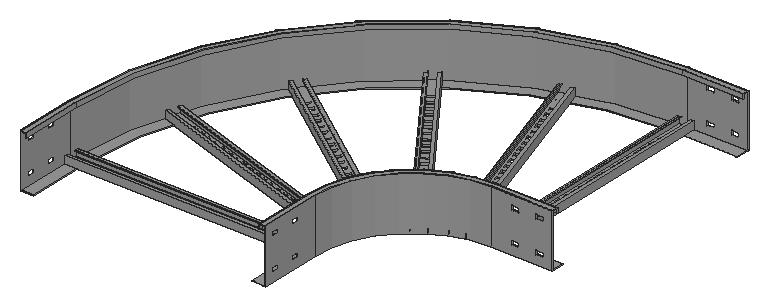
Revit family "LB 90 1150 VS FT Bogen 90", category Generic Models, Revit 2017
Family settings
  Can host rebar = No
  Round Connector Dimension = Use Diameter
  Part Type = Normal
  Work Plane-Based = No
  Always vertical = Yes
  Cut with Voids When Loaded = No
  Shared = No
  Room Calculation Point = No
Parameters (values of type "LB 90 1150 R5 FT")
  URL = "http://www.obo-bettermann.com"
  Material = Hot-dip galvanised
  Manufacturer Art.No. = "6217778"
  Manufacturer = "OBO BETTERMANN"
  GTIN = "4012196685257"
  Cut's number = 2
  Article Type = "LB 90 1150 R5 FT"
Reference planes
  plane 1 "Center (Front/Back)": y = 0
  plane 2: z = 0
  plane 3 "Center (Left/Right)": x = 0
  plane 4: y = 825
  plane 5: x = 825
  plane 6: x = 700
  plane 7: y = 125
  plane 8: z = 110
  plane 9: z = 1.5
  plane 10: z = 108.5
  plane 11: z = 101
  plane 12: y = 325
  plane 13: x = 500
  plane 14: y = 125
  plane 15: y = 110
  plane 16: y = 140
  plane 17: z = 16.5
  plane 18: x = 59
  plane 19: y = 133.25
  plane 20: y = 116.75
  plane 21: x = 79
  plane 22: x = 59
  plane 23: y = 133.25
  plane 24: y = 116.75
  plane 25: x = 79
  plane 26: x = 99
  plane 27: x = 99
  plane 28: y = 133.25
  plane 29: y = 116.75
  plane 30: x = 119
  plane 31: x = 139
  plane 32: y = 133.25
  plane 33: y = 116.75
  plane 34: x = 119
  plane 35: x = 139
  plane 36: x = 159
  plane 37: x = 139
  plane 38: y = 133.25
  plane 39: y = 116.75
  plane 40: x = 159
  plane 41: x = 139
  plane 42: y = 133.25
  plane 43: y = 116.75
  plane 44: x = 179
  plane 45: y = 133.25
  plane 46: y = 116.75
  plane 47: x = 179
  plane 48: x = 199
  plane 49: x = 219
  plane 50: y = 133.25
  plane 51: y = 116.75
  plane 52: x = 199
  plane 53: x = 219
  plane 54: y = 133.25
  plane 55: y = 116.75
  plane 56: x = 219
  plane 57: x = 239
  plane 58: x = 219
  plane 59: y = 133.25
  plane 60: y = 116.75
  plane 61: x = 239
  plane 62: x = 259
  plane 63: x = 279
  plane 64: x = 299
  plane 65: x = 259
  plane 66: y = 133.25
  plane 67: y = 116.75
  plane 68: x = 279
  plane 69: x = 299
  plane 70: y = 133.25
  plane 71: y = 116.75
  plane 72: x = 299
  plane 73: y = 133.25
  plane 74: y = 116.75
  plane 75: x = 319
  plane 76: x = 299
  plane 77: y = 133.25
  plane 78: y = 116.75
  plane 79: x = 319
  plane 80: x = 339
  plane 81: x = 359
  plane 82: x = 379
  plane 83: x = 339
  plane 84: y = 133.25
  plane 85: y = 116.75
  plane 86: x = 359
  plane 87: x = 379
  plane 88: y = 133.25
  plane 89: y = 116.75
  plane 90: x = 379
  plane 91: y = 133.25
  plane 92: y = 116.75
  plane 93: x = 399
  plane 94: x = 379
  plane 95: y = 133.25
  plane 96: y = 116.75
  plane 97: x = 399
  plane 98: x = 419
  plane 99: x = 439
  plane 100: x = 459
  plane 101: x = 419
  plane 102: y = 133.25
  plane 103: y = 116.75
  plane 104: x = 439
  plane 105: x = 459
  plane 106: y = 133.25
  plane 107: y = 116.75
  plane 108: x = 59
  plane 109: x = 700
  plane 110: x = 700
  plane 111: through (700, 125, 1200) normal (-0.309, -0.9511, 0)
  plane 112: through (700, 125, 1200) normal (-0.5878, -0.809, 0)
  plane 113: through (700, 125, 1200) normal (-0.809, -0.5878, 0)
  plane 114: through (700, 125, 1200) normal (-0.9511, -0.309, 0)
  plane 115: through (700, 125, 1200) normal (-0.1564, -0.9877, 0)
  plane 116: through (700, 125, 1200) normal (-0.7071, -0.7071, 0)
  plane 117: x = 715
  plane 118: x = 685
  plane 119: z = 16.5
  plane 120: y = 384
  plane 121: x = 691.75
  plane 122: x = 708.25
  plane 123: y = 404
  plane 124: y = 424
  plane 125: y = 444
  plane 126: y = 464
  plane 127: y = 484
  plane 128: y = 504
  plane 129: y = 524
  plane 130: y = 544
  plane 131: y = 564
  plane 132: y = 584
  plane 133: y = 604
  plane 134: y = 624
  plane 135: y = 644
  plane 136: y = 664
  plane 137: y = 684
  plane 138: y = 704
  plane 139: y = 724
  plane 140: y = 744
  plane 141: y = 764
  plane 142: through (2784.612, -2769.742, 26.746) normal (0.809, 0.5878, 0)
  plane 143: through (2808.883, -2752.109, 23.021) normal (0.809, 0.5878, 0)
  plane 144: z = 16.5
  plane 145: through (573.715, 353.39, 1200) normal (0.5878, -0.809, 0)
  plane 146: through (550.121, 345.327, 1200) normal (0.809, 0.5878, 0)
  plane 147: through (536.772, 335.628, 1200) normal (0.809, 0.5878, 0)
  plane 148: through (542.876, 355.706, 1200) normal (0.5878, -0.809, 0)
  plane 149: through (541.039, 379.092, 1200) normal (0.5878, -0.809, 0)
  plane 150: through (529.283, 395.273, 1200) normal (0.5878, -0.809, 0)
  plane 151: through (517.527, 411.453, 1200) normal (0.5878, -0.809, 0)
  plane 152: through (503.75, 426.164, 1200) normal (0.5878, -0.809, 0)
  plane 153: through (484.097, 436.607, 1200) normal (0.5878, -0.809, 0)
  plane 154: through (482.26, 459.994, 1200) normal (0.5878, -0.809, 0)
  plane 155: through (468.483, 474.705, 1200) normal (0.5878, -0.809, 0)
  plane 156: through (455.982, 490.345, 1200) normal (0.5878, -0.809, 0)
  plane 157: through (446.993, 508.535, 1200) normal (0.5878, -0.809, 0)
  plane 158: through (436.463, 525.606, 1200) normal (0.5878, -0.809, 0)
  plane 159: through (426.558, 543.131, 1200) normal (0.5878, -0.809, 0)
  plane 160: through (410.481, 556.172, 1200) normal (0.5878, -0.809, 0)
  plane 161: through (403.047, 575.492, 1200) normal (0.5878, -0.809, 0)
  plane 162: through (386.193, 587.968, 1200) normal (0.5878, -0.809, 0)
  plane 163: through (377.684, 606.507, 1200) normal (0.5878, -0.809, 0)
  plane 164: through (367.78, 624.033, 1200) normal (0.5878, -0.809, 0)
  plane 165: through (358.903, 642.305, 1200) normal (0.5878, -0.809, 0)
  plane 166: through (342.417, 655.048, 1200) normal (0.5878, -0.809, 0)
  plane 167: through (3594.742, -1959.612, 26.746) normal (0.5878, 0.809, 0)
  plane 168: through (3577.109, -1983.883, 23.021) normal (0.5878, 0.809, 0)
  plane 169: z = 16.5
  plane 170: through (471.61, 251.285, 1200) normal (-0.809, 0.5878, 0)
  plane 171: through (479.673, 274.879, 1200) normal (0.5878, 0.809, 0)
  plane 172: through (489.372, 288.228, 1200) normal (0.5878, 0.809, 0)
  plane 173: through (469.294, 282.124, 1200) normal (-0.809, 0.5878, 0)
  plane 174: through (445.908, 283.961, 1200) normal (-0.809, 0.5878, 0)
  plane 175: through (429.727, 295.717, 1200) normal (-0.809, 0.5878, 0)
  plane 176: through (413.547, 307.473, 1200) normal (-0.809, 0.5878, 0)
  plane 177: through (398.836, 321.25, 1200) normal (-0.809, 0.5878, 0)
  plane 178: through (388.393, 340.903, 1200) normal (-0.809, 0.5878, 0)
  plane 179: through (365.006, 342.74, 1200) normal (-0.809, 0.5878, 0)
  plane 180: through (350.295, 356.517, 1200) normal (-0.809, 0.5878, 0)
  plane 181: through (334.655, 369.018, 1200) normal (-0.809, 0.5878, 0)
  plane 182: through (316.465, 378.007, 1200) normal (-0.809, 0.5878, 0)
  plane 183: through (299.394, 388.537, 1200) normal (-0.809, 0.5878, 0)
  plane 184: through (281.869, 398.442, 1200) normal (-0.809, 0.5878, 0)
  plane 185: through (268.828, 414.519, 1200) normal (-0.809, 0.5878, 0)
  plane 186: through (249.508, 421.953, 1200) normal (-0.809, 0.5878, 0)
  plane 187: through (237.032, 438.807, 1200) normal (-0.809, 0.5878, 0)
  plane 188: through (218.493, 447.316, 1200) normal (-0.809, 0.5878, 0)
  plane 189: through (200.967, 457.22, 1200) normal (-0.809, 0.5878, 0)
  plane 190: through (182.695, 466.097, 1200) normal (-0.809, 0.5878, 0)
  plane 191: through (169.952, 482.583, 1200) normal (-0.809, 0.5878, 0)
  plane 192: through (1788.06, -3272.244, 26.746) normal (0.9511, 0.309, 0)
  plane 193: through (1816.591, -3262.974, 23.021) normal (0.9511, 0.309, 0)
  plane 194: z = 16.5
  plane 195: through (650.473, 381.236, 1200) normal (0.309, -0.9511, 0)
  plane 196: through (625.541, 380.858, 1200) normal (0.9511, 0.309, 0)
  plane 197: through (609.849, 375.759, 1200) normal (0.9511, 0.309, 0)
  plane 198: through (621.858, 392.968, 1200) normal (0.309, -0.9511, 0)
  plane 199: through (627.338, 415.778, 1200) normal (0.309, -0.9511, 0)
  plane 200: through (621.157, 434.799, 1200) normal (0.309, -0.9511, 0)
  plane 201: through (614.977, 453.82, 1200) normal (0.309, -0.9511, 0)
  plane 202: through (606.42, 472.069, 1200) normal (0.309, -0.9511, 0)
  plane 203: through (590.956, 488.074, 1200) normal (0.309, -0.9511, 0)
  plane 204: through (596.436, 510.883, 1200) normal (0.309, -0.9511, 0)
  plane 205: through (587.879, 529.132, 1200) normal (0.309, -0.9511, 0)
  plane 206: through (580.823, 547.869, 1200) normal (0.309, -0.9511, 0)
  plane 207: through (577.895, 567.947, 1200) normal (0.309, -0.9511, 0)
  plane 208: through (573.155, 587.436, 1200) normal (0.309, -0.9511, 0)
  plane 209: through (569.151, 607.164, 1200) normal (0.309, -0.9511, 0)
  plane 210: through (557.891, 624.535, 1200) normal (0.309, -0.9511, 0)
  plane 211: through (556.791, 645.207, 1200) normal (0.309, -0.9511, 0)
  plane 212: through (544.616, 662.28, 1200) normal (0.309, -0.9511, 0)
  plane 213: through (542.253, 682.542, 1200) normal (0.309, -0.9511, 0)
  plane 214: through (538.25, 702.27, 1200) normal (0.309, -0.9511, 0)
  plane 215: through (535.453, 722.391, 1200) normal (0.309, -0.9511, 0)
  plane 216: through (523.712, 739.605, 1200) normal (0.309, -0.9511, 0)
  plane 217: through (700, 125, 1200) normal (-0.454, -0.891, 0)
  plane 218: through (4087.974, -991.591, 26.746) normal (0.309, 0.9511, 0)
  plane 219: through (4097.244, -963.06, 23.021) normal (0.309, 0.9511, 0)
  plane 220: z = 16.5
  plane 221: through (463.589, 235.544, 1200) normal (0.9511, -0.309, 0)
  plane 222: through (449.241, 215.151, 1200) normal (0.309, 0.9511, 0)
  plane 223: through (444.142, 199.459, 1200) normal (0.309, 0.9511, 0)
  plane 224: through (437.279, 219.289, 1200) normal (0.9511, -0.309, 0)
  plane 225: through (422.046, 237.13, 1200) normal (0.9511, -0.309, 0)
  plane 226: through (403.025, 243.31, 1200) normal (0.9511, -0.309, 0)
  plane 227: through (384.004, 249.49, 1200) normal (0.9511, -0.309, 0)
  plane 228: through (364.21, 253.294, 1200) normal (0.9511, -0.309, 0)
  plane 229: through (342.173, 250.191, 1200) normal (0.9511, -0.309, 0)
  plane 230: through (326.94, 268.032, 1200) normal (0.9511, -0.309, 0)
  plane 231: through (307.147, 271.835, 1200) normal (0.9511, -0.309, 0)
  plane 232: through (287.841, 277.14, 1200) normal (0.9511, -0.309, 0)
  plane 233: through (269.877, 286.573, 1200) normal (0.9511, -0.309, 0)
  plane 234: through (251.324, 294.193, 1200) normal (0.9511, -0.309, 0)
  plane 235: through (233.01, 302.55, 1200) normal (0.9511, -0.309, 0)
  plane 236: through (212.338, 303.65, 1200) normal (0.9511, -0.309, 0)
  plane 237: through (194.968, 314.911, 1200) normal (0.9511, -0.309, 0)
  plane 238: through (173.999, 315.097, 1200) normal (0.9511, -0.309, 0)
  plane 239: through (156.218, 325.095, 1200) normal (0.9511, -0.309, 0)
  plane 240: through (137.904, 333.452, 1200) normal (0.9511, -0.309, 0)
  plane 241: through (119.983, 343.016, 1200) normal (0.9511, -0.309, 0)
  plane 242: through (99.155, 343.636, 1200) normal (0.9511, -0.309, 0)
  plane 243: z = 22.5
  plane 244: z = 80.077
  plane 245: y = 25
  plane 246: z = 87.5
  plane 247: z = 145.077
  plane 248: y = 25
  plane 249: z = 22.5
  plane 250: z = 80.077
  plane 251: y = 75
  plane 252: z = 22.5
  plane 253: y = 25
  plane 254: z = 87.5
  plane 255: y = 25
  plane 256: z = 22.5
  plane 257: y = 25
  plane 258: z = 22.5
  plane 259: y = 75
  plane 260: z = 87.5
  plane 261: y = 75
  plane 262: z = 87.5
  plane 263: z = 145.077
  plane 264: y = 75
  plane 265: z = 22.5
  plane 266: x = 800
  plane 267: z = 87.5
  plane 268: x = 800
  plane 269: z = 22.5
  plane 270: x = 750
  plane 271: z = 87.5
  plane 272: x = 750
  plane 273: z = 22.5
  plane 274: x = 800
  plane 275: z = 87.5
  plane 276: x = 800
  plane 277: z = 22.5
  plane 278: x = 750
  plane 279: z = 87.5
  plane 280: x = 750
Forms (mm)
  Extrusion 1, solid, material "Hot-dip galvanised" <- "Material"
    sketch origin (0, 0, 0) x (1, 0, 0) y (0, 1, 0)
      loop
        line (0, 0) -> (1.5, 0) -> (1.5, 125)
        arc (1.5, 125) -> (206.086, 618.914) -> (700, 823.5) r 698.5
        line (700, 823.5) -> (825, 823.5) -> (825, 825) -> (700, 825)
        arc (700, 825) -> (205.025, 619.975) -> (0, 125) r 700
        line (0, 125) -> (0, 0)
    from 0 to 110
  Extrusion 2, solid, material "Hot-dip galvanised" <- "Material"
    sketch origin (0, 0, 0) x (1, 0, 0) y (0, 1, 0)
      loop
        line (825, 823.5) -> (700, 823.5)
        arc (700, 823.5) -> (206.086, 618.914) -> (1.5, 125) r 698.5
        line (1.5, 125) -> (1.5, 0) -> (27, 0) -> (27, 125)
        arc (27, 125) -> (224.117, 600.883) -> (700, 798) r 673
        line (700, 798) -> (825, 798) -> (825, 823.5)
    from 0 to 1.5
  Extrusion 3, solid, material "Hot-dip galvanised" <- "Material"
    sketch origin (0, 0, 0) x (1, 0, 0) y (0, 1, 0)
      loop
        line (1.5, 0) -> (12, 0) -> (12, 125)
        arc (12, 125) -> (213.511, 611.489) -> (700, 813) r 688
        line (700, 813) -> (825, 813) -> (825, 823.5) -> (700, 823.5)
        arc (700, 823.5) -> (206.086, 618.914) -> (1.5, 125) r 698.5
        line (1.5, 125) -> (1.5, 0)
    from 108.5 to 110
  Extrusion 4, solid, material "Hot-dip galvanised" <- "Material"
    sketch origin (0, 0, 0) x (1, 0, 0) y (0, 1, 0)
      loop
        line (12, 0) -> (13.5, 0) -> (13.5, 125)
        arc (13.5, 125) -> (214.571, 610.429) -> (700, 811.5) r 686.5
        line (700, 811.5) -> (825, 811.5) -> (825, 813) -> (700, 813)
        arc (700, 813) -> (213.511, 611.489) -> (12, 125) r 688
        line (12, 125) -> (12, 0)
    from 101 to 110
  Extrusion 5, solid, material "Hot-dip galvanised" <- "Material"
    sketch origin (0, 0, 0) x (1, 0, 0) y (0, 1, 0)
      loop
        line (825, 325) -> (825, 326.5) -> (700, 326.5)
        arc (700, 326.5) -> (557.518, 267.482) -> (498.5, 125) r 201.5
        line (498.5, 125) -> (498.5, 0) -> (500, 0) -> (500, 125)
        arc (500, 125) -> (558.579, 266.421) -> (700, 325) r 200
        line (700, 325) -> (825, 325)
    from 0 to 110
  Extrusion 6, solid, material "Hot-dip galvanised" <- "Material"
    sketch origin (0, 0, 0) x (1, 0, 0) y (0, 1, 0)
      loop
        line (825, 326.5) -> (825, 352) -> (700, 352)
        arc (700, 352) -> (539.487, 285.513) -> (473, 125) r 227
        line (473, 125) -> (473, 0) -> (498.5, 0) -> (498.5, 125)
        arc (498.5, 125) -> (557.518, 267.482) -> (700, 326.5) r 201.5
        line (700, 326.5) -> (825, 326.5)
    from 0 to 1.5
  Extrusion 7, solid, material "Hot-dip galvanised" <- "Material"
    sketch origin (0, 0, 0) x (1, 0, 0) y (0, 1, 0)
      loop
        line (498.5, 0) -> (498.5, 125)
        arc (498.5, 125) -> (557.518, 267.482) -> (700, 326.5) r 201.5
        line (700, 326.5) -> (825, 326.5) -> (825, 337) -> (700, 337)
        arc (700, 337) -> (550.093, 274.907) -> (488, 125) r 212
        line (488, 125) -> (488, 0) -> (498.5, 0)
    from 108.5 to 110
  Extrusion 8, solid, material "Hot-dip galvanised" <- "Material"
    sketch origin (0, 0, 0) x (1, 0, 0) y (0, 1, 0)
      loop
        line (825, 337) -> (825, 338.5) -> (699.954, 338.5)
        arc (699.954, 338.5) -> (549.019, 275.981) -> (486.5, 125.046) r 213.454
        line (486.5, 125.046) -> (486.5, 0) -> (488, 0) -> (488, 125.046)
        arc (488, 125.046) -> (550.08, 274.92) -> (699.954, 337) r 211.954
        line (699.954, 337) -> (825, 337)
    from 101 to 110
  Extrusion 9, solid, material "Hot-dip galvanised" <- "Material"
    sketch origin (0, 0, 0) x (0, 1, 0) y (0, 0, 1)
      loop
        line (110, 16.5) -> (110, 1.5) -> (140, 1.5) -> (140, 16.5) -> (133.489, 16.5) -> (133.489, 15) -> (138.5, 15) -> (138.5, 3) -> (111.5, 3) -> (111.5, 15) -> (116.483, 15) -> (116.483, 16.5) -> (110, 16.5)
    from 1.5 to 498.5
  Extrusion 10, void
    sketch origin (0, 0, 0) x (1, 0, 0) y (0, 1, 0)
      loop
        line (53.5, 133.25) -> (53.5, 116.75) -> (64.5, 116.75) -> (64.5, 133.25) -> (53.5, 133.25)
    from 0 to 3
  Extrusion 11, void
    sketch origin (0, 0, 0) x (1, 0, 0) y (0, 1, 0)
      loop
        line (75.5, 133.25) -> (75.5, 116.75) -> (82.5, 116.75) -> (82.5, 133.25) -> (75.5, 133.25)
    from 0 to 3
  Extrusion 12, void
    sketch origin (158, 0, 0) x (-1, 0, 0) y (0, -1, 0)
      loop
        line (53.5, -133.25) -> (64.5, -133.25) -> (64.5, -116.75) -> (53.5, -116.75) -> (53.5, -133.25)
    from 0 to 3
  Extrusion 13, void
    sketch origin (198, 0, 0) x (-1, 0, 0) y (0, -1, 0)
      loop
        line (75.5, -133.25) -> (82.5, -133.25) -> (82.5, -116.75) -> (75.5, -116.75) -> (75.5, -133.25)
    from 0 to 3
  Extrusion 14, void
    sketch origin (80, 0, 0) x (1, 0, 0) y (0, 1, 0)
      loop
        line (53.5, 133.25) -> (53.5, 116.75) -> (64.5, 116.75) -> (64.5, 133.25) -> (53.5, 133.25)
    from 0 to 3
  Extrusion 15, void
    sketch origin (80, 0, 0) x (1, 0, 0) y (0, 1, 0)
      loop
        line (75.5, 133.25) -> (75.5, 116.75) -> (82.5, 116.75) -> (82.5, 133.25) -> (75.5, 133.25)
    from 0 to 3
  Extrusion 16, void
    sketch origin (238, 0, 0) x (-1, 0, 0) y (0, -1, 0)
      loop
        line (53.5, -133.25) -> (64.5, -133.25) -> (64.5, -116.75) -> (53.5, -116.75) -> (53.5, -133.25)
    from 0 to 3
  Extrusion 17, void
    sketch origin (278, 0, 0) x (-1, 0, 0) y (0, -1, 0)
      loop
        line (75.5, -133.25) -> (82.5, -133.25) -> (82.5, -116.75) -> (75.5, -116.75) -> (75.5, -133.25)
    from 0 to 3
  Extrusion 18, void
    sketch origin (160, 0, 0) x (1, 0, 0) y (0, 1, 0)
      loop
        line (53.5, 133.25) -> (53.5, 116.75) -> (64.5, 116.75) -> (64.5, 133.25) -> (53.5, 133.25)
    from 0 to 3
  Extrusion 19, void
    sketch origin (160, 0, 0) x (1, 0, 0) y (0, 1, 0)
      loop
        line (75.5, 133.25) -> (75.5, 116.75) -> (82.5, 116.75) -> (82.5, 133.25) -> (75.5, 133.25)
    from 0 to 3
  Extrusion 20, void
    sketch origin (318, 0, 0) x (-1, 0, 0) y (0, -1, 0)
      loop
        line (53.5, -133.25) -> (64.5, -133.25) -> (64.5, -116.75) -> (53.5, -116.75) -> (53.5, -133.25)
    from 0 to 3
  Extrusion 21, void
    sketch origin (358, 0, 0) x (-1, 0, 0) y (0, -1, 0)
      loop
        line (75.5, -133.25) -> (82.5, -133.25) -> (82.5, -116.75) -> (75.5, -116.75) -> (75.5, -133.25)
    from 0 to 3
  Extrusion 22, void
    sketch origin (240, 0, 0) x (1, 0, 0) y (0, 1, 0)
      loop
        line (53.5, 133.25) -> (53.5, 116.75) -> (64.5, 116.75) -> (64.5, 133.25) -> (53.5, 133.25)
    from 0 to 3
  Extrusion 23, void
    sketch origin (240, 0, 0) x (1, 0, 0) y (0, 1, 0)
      loop
        line (75.5, 133.25) -> (75.5, 116.75) -> (82.5, 116.75) -> (82.5, 133.25) -> (75.5, 133.25)
    from 0 to 3
  Extrusion 24, void
    sketch origin (398, 0, 0) x (-1, 0, 0) y (0, -1, 0)
      loop
        line (53.5, -133.25) -> (64.5, -133.25) -> (64.5, -116.75) -> (53.5, -116.75) -> (53.5, -133.25)
    from 0 to 3
  Extrusion 25, void
    sketch origin (438, 0, 0) x (-1, 0, 0) y (0, -1, 0)
      loop
        line (75.5, -133.25) -> (82.5, -133.25) -> (82.5, -116.75) -> (75.5, -116.75) -> (75.5, -133.25)
    from 0 to 3
  Extrusion 26, void
    sketch origin (320, 0, 0) x (1, 0, 0) y (0, 1, 0)
      loop
        line (53.5, 133.25) -> (53.5, 116.75) -> (64.5, 116.75) -> (64.5, 133.25) -> (53.5, 133.25)
    from 0 to 3
  Extrusion 27, void
    sketch origin (320, 0, 0) x (1, 0, 0) y (0, 1, 0)
      loop
        line (75.5, 133.25) -> (75.5, 116.75) -> (82.5, 116.75) -> (82.5, 133.25) -> (75.5, 133.25)
    from 0 to 3
  Extrusion 28, void
    sketch origin (478, 0, 0) x (-1, 0, 0) y (0, -1, 0)
      loop
        line (53.5, -133.25) -> (64.5, -133.25) -> (64.5, -116.75) -> (53.5, -116.75) -> (53.5, -133.25)
    from 0 to 3
  Extrusion 29, void
    sketch origin (518, 0, 0) x (-1, 0, 0) y (0, -1, 0)
      loop
        line (75.5, -133.25) -> (82.5, -133.25) -> (82.5, -116.75) -> (75.5, -116.75) -> (75.5, -133.25)
    from 0 to 3
  Extrusion 30, solid, material "Hot-dip galvanised" <- "Material"
    sketch origin (825, 825, 0) x (-1, 0, 0) y (0, 0, -1)
      loop
        line (110, -16.5) -> (116.483, -16.5) -> (116.483, -15) -> (111.5, -15) -> (111.5, -3) -> (138.5, -3) -> (138.5, -15) -> (133.489, -15) -> (133.489, -16.5) -> (140, -16.5) -> (140, 0) -> (110, 0) -> (110, -16.5)
    from 1.5 to 498.5
  Extrusion 31, void
    sketch origin (0, 0, 0) x (1, 0, 0) y (0, 1, 0)
      loop
        line (691.75, 389.5) -> (691.75, 378.5) -> (708.25, 378.5) -> (708.25, 389.5) -> (691.75, 389.5)
      loop
        line (691.75, 407.5) -> (691.75, 400.5) -> (708.25, 400.5) -> (708.25, 407.5) -> (691.75, 407.5)
      loop
        line (691.75, 429.5) -> (691.75, 418.5) -> (708.25, 418.5) -> (708.25, 429.5) -> (691.75, 429.5)
      loop
        line (691.75, 447.5) -> (691.75, 440.5) -> (708.25, 440.5) -> (708.25, 447.5) -> (691.75, 447.5)
      loop
        line (691.75, 469.5) -> (691.75, 458.5) -> (708.25, 458.5) -> (708.25, 469.5) -> (691.75, 469.5)
      loop
        line (691.75, 489.5) -> (691.75, 478.5) -> (708.25, 478.5) -> (708.25, 489.5) -> (691.75, 489.5)
      loop
        line (691.75, 509.5) -> (691.75, 498.5) -> (708.25, 498.5) -> (708.25, 509.5) -> (691.75, 509.5)
      loop
        line (691.75, 527.5) -> (691.75, 520.5) -> (708.25, 520.5) -> (708.25, 527.5) -> (691.75, 527.5)
      loop
        line (691.75, 549.5) -> (691.75, 538.5) -> (708.25, 538.5) -> (708.25, 549.5) -> (691.75, 549.5)
      loop
        line (691.75, 567.5) -> (691.75, 560.5) -> (708.25, 560.5) -> (708.25, 567.5) -> (691.75, 567.5)
      loop
        line (691.75, 589.5) -> (691.75, 578.5) -> (708.25, 578.5) -> (708.25, 589.5) -> (691.75, 589.5)
      loop
        line (691.75, 609.5) -> (691.75, 598.5) -> (708.25, 598.5) -> (708.25, 609.5) -> (691.75, 609.5)
      loop
        line (691.75, 629.5) -> (691.75, 618.5) -> (708.25, 618.5) -> (708.25, 629.5) -> (691.75, 629.5)
      loop
        line (691.75, 647.5) -> (691.75, 640.5) -> (708.25, 640.5) -> (708.25, 647.5) -> (691.75, 647.5)
      loop
        line (691.75, 669.5) -> (691.75, 658.5) -> (708.25, 658.5) -> (708.25, 669.5) -> (691.75, 669.5)
      loop
        line (691.75, 687.5) -> (691.75, 680.5) -> (708.25, 680.5) -> (708.25, 687.5) -> (691.75, 687.5)
      loop
        line (691.75, 709.5) -> (691.75, 698.5) -> (708.25, 698.5) -> (708.25, 709.5) -> (691.75, 709.5)
      loop
        line (691.75, 727.5) -> (691.75, 718.5) -> (708.25, 718.5) -> (708.25, 727.5) -> (691.75, 727.5)
      loop
        line (691.75, 749.5) -> (691.75, 738.936) -> (708.25, 738.936) -> (708.25, 749.5) -> (691.75, 749.5)
      loop
        line (691.75, 767.5) -> (691.75, 760.5) -> (708.25, 760.5) -> (708.25, 767.5) -> (691.75, 767.5)
    from 0 to 3
  Extrusion 32, solid, material "Hot-dip galvanised" <- "Material"
    sketch origin (187.423, 617.839, 0) x (0.809017, 0.587785, 0) y (0, 0, 1)
      loop
        line (110, 16.5) -> (110, 0) -> (140, 0) -> (140, 16.5) -> (133.489, 16.5) -> (133.489, 15) -> (138.5, 15) -> (138.5, 3) -> (111.5, 3) -> (111.5, 15) -> (116.483, 15) -> (116.483, 16.5) -> (110, 16.5)
    from 1.5 to 498.5
  Extrusion 33, void
    sketch origin (1339.785, 435.323, 0) x (-0.809017, -0.587785, 0) y (0.587785, -0.809017, 0)
      loop
        line (691.75, -389.5) -> (708.25, -389.5) -> (708.25, -378.5) -> (691.75, -378.5) -> (691.75, -389.5)
      loop
        line (691.75, -407.5) -> (708.25, -407.5) -> (708.25, -400.5) -> (691.75, -400.5) -> (691.75, -407.5)
      loop
        line (691.75, -429.5) -> (708.25, -429.5) -> (708.25, -418.5) -> (691.75, -418.5) -> (691.75, -429.5)
      loop
        line (691.75, -447.5) -> (708.25, -447.5) -> (708.25, -440.5) -> (691.75, -440.5) -> (691.75, -447.5)
      loop
        line (691.75, -469.5) -> (708.25, -469.5) -> (708.25, -458.5) -> (691.75, -458.5) -> (691.75, -469.5)
      loop
        line (691.75, -489.5) -> (708.25, -489.5) -> (708.25, -478.5) -> (691.75, -478.5) -> (691.75, -489.5)
      loop
        line (691.75, -509.5) -> (708.25, -509.5) -> (708.25, -498.5) -> (691.75, -498.5) -> (691.75, -509.5)
      loop
        line (691.75, -527.5) -> (708.25, -527.5) -> (708.25, -520.5) -> (691.75, -520.5) -> (691.75, -527.5)
      loop
        line (691.75, -549.5) -> (708.25, -549.5) -> (708.25, -538.5) -> (691.75, -538.5) -> (691.75, -549.5)
      loop
        line (691.75, -567.5) -> (708.25, -567.5) -> (708.25, -560.5) -> (691.75, -560.5) -> (691.75, -567.5)
      loop
        line (691.75, -589.5) -> (708.25, -589.5) -> (708.25, -578.5) -> (691.75, -578.5) -> (691.75, -589.5)
      loop
        line (691.75, -609.5) -> (708.25, -609.5) -> (708.25, -598.5) -> (691.75, -598.5) -> (691.75, -609.5)
      loop
        line (691.75, -629.5) -> (708.25, -629.5) -> (708.25, -618.5) -> (691.75, -618.5) -> (691.75, -629.5)
      loop
        line (691.75, -647.5) -> (708.25, -647.5) -> (708.25, -640.5) -> (691.75, -640.5) -> (691.75, -647.5)
      loop
        line (691.75, -669.5) -> (708.25, -669.5) -> (708.25, -658.5) -> (691.75, -658.5) -> (691.75, -669.5)
      loop
        line (691.75, -687.5) -> (708.25, -687.5) -> (708.25, -680.5) -> (691.75, -680.5) -> (691.75, -687.5)
      loop
        line (691.75, -709.5) -> (708.25, -709.5) -> (708.25, -698.5) -> (691.75, -698.5) -> (691.75, -709.5)
      loop
        line (691.75, -727.5) -> (708.25, -727.5) -> (708.25, -718.5) -> (691.75, -718.5) -> (691.75, -727.5)
      loop
        line (691.75, -749.5) -> (708.25, -749.5) -> (708.25, -738.936) -> (691.75, -738.936) -> (691.75, -749.5)
      loop
        line (691.75, -767.5) -> (708.25, -767.5) -> (708.25, -760.5) -> (691.75, -760.5) -> (691.75, -767.5)
    from 0 to 3
  Extrusion 34, solid, material "Hot-dip galvanised" <- "Material"
    sketch origin (207.161, 637.577, 0) x (-0.587785, -0.809017, 0) y (0, 0, -1)
      loop
        line (110, -16.5) -> (116.483, -16.5) -> (116.483, -15) -> (111.5, -15) -> (111.5, -3) -> (138.5, -3) -> (138.5, -15) -> (133.489, -15) -> (133.489, -16.5) -> (140, -16.5) -> (140, 0) -> (110, 0) -> (110, -16.5)
    from 1.5 to 498.5
  Extrusion 35, void
    sketch origin (389.677, -514.785, 0) x (0.587785, 0.809017, 0) y (-0.809017, 0.587785, 0)
      loop
        line (691.75, 389.5) -> (691.75, 378.5) -> (708.25, 378.5) -> (708.25, 389.5) -> (691.75, 389.5)
      loop
        line (691.75, 407.5) -> (691.75, 400.5) -> (708.25, 400.5) -> (708.25, 407.5) -> (691.75, 407.5)
      loop
        line (691.75, 429.5) -> (691.75, 418.5) -> (708.25, 418.5) -> (708.25, 429.5) -> (691.75, 429.5)
      loop
        line (691.75, 447.5) -> (691.75, 440.5) -> (708.25, 440.5) -> (708.25, 447.5) -> (691.75, 447.5)
      loop
        line (691.75, 469.5) -> (691.75, 458.5) -> (708.25, 458.5) -> (708.25, 469.5) -> (691.75, 469.5)
      loop
        line (691.75, 489.5) -> (691.75, 478.5) -> (708.25, 478.5) -> (708.25, 489.5) -> (691.75, 489.5)
      loop
        line (691.75, 509.5) -> (691.75, 498.5) -> (708.25, 498.5) -> (708.25, 509.5) -> (691.75, 509.5)
      loop
        line (691.75, 527.5) -> (691.75, 520.5) -> (708.25, 520.5) -> (708.25, 527.5) -> (691.75, 527.5)
      loop
        line (691.75, 549.5) -> (691.75, 538.5) -> (708.25, 538.5) -> (708.25, 549.5) -> (691.75, 549.5)
      loop
        line (691.75, 567.5) -> (691.75, 560.5) -> (708.25, 560.5) -> (708.25, 567.5) -> (691.75, 567.5)
      loop
        line (691.75, 589.5) -> (691.75, 578.5) -> (708.25, 578.5) -> (708.25, 589.5) -> (691.75, 589.5)
      loop
        line (691.75, 609.5) -> (691.75, 598.5) -> (708.25, 598.5) -> (708.25, 609.5) -> (691.75, 609.5)
      loop
        line (691.75, 629.5) -> (691.75, 618.5) -> (708.25, 618.5) -> (708.25, 629.5) -> (691.75, 629.5)
      loop
        line (691.75, 647.5) -> (691.75, 640.5) -> (708.25, 640.5) -> (708.25, 647.5) -> (691.75, 647.5)
      loop
        line (691.75, 669.5) -> (691.75, 658.5) -> (708.25, 658.5) -> (708.25, 669.5) -> (691.75, 669.5)
      loop
        line (691.75, 687.5) -> (691.75, 680.5) -> (708.25, 680.5) -> (708.25, 687.5) -> (691.75, 687.5)
      loop
        line (691.75, 709.5) -> (691.75, 698.5) -> (708.25, 698.5) -> (708.25, 709.5) -> (691.75, 709.5)
      loop
        line (691.75, 727.5) -> (691.75, 718.5) -> (708.25, 718.5) -> (708.25, 727.5) -> (691.75, 727.5)
      loop
        line (691.75, 749.5) -> (691.75, 738.936) -> (708.25, 738.936) -> (708.25, 749.5) -> (691.75, 749.5)
      loop
        line (691.75, 767.5) -> (691.75, 760.5) -> (708.25, 760.5) -> (708.25, 767.5) -> (691.75, 767.5)
    from 0 to 3
  Extrusion 36, solid, material "Hot-dip galvanised" <- "Material"
    sketch origin (364.806, 752.112, 0) x (0.951057, 0.309017, 0) y (0, 0, 1)
      loop
        line (110, 16.5) -> (110, 0) -> (140, 0) -> (140, 16.5) -> (133.489, 16.5) -> (133.489, 15) -> (138.5, 15) -> (138.5, 3) -> (111.5, 3) -> (111.5, 15) -> (116.483, 15) -> (116.483, 16.5) -> (110, 16.5)
    from 1.5 to 498.5
  Extrusion 37, void
    sketch origin (1404.367, 222.43, 0) x (-0.951057, -0.309017, 0) y (0.309017, -0.951057, 0)
      loop
        line (691.75, -389.5) -> (708.25, -389.5) -> (708.25, -378.5) -> (691.75, -378.5) -> (691.75, -389.5)
      loop
        line (691.75, -407.5) -> (708.25, -407.5) -> (708.25, -400.5) -> (691.75, -400.5) -> (691.75, -407.5)
      loop
        line (691.75, -429.5) -> (708.25, -429.5) -> (708.25, -418.5) -> (691.75, -418.5) -> (691.75, -429.5)
      loop
        line (691.75, -447.5) -> (708.25, -447.5) -> (708.25, -440.5) -> (691.75, -440.5) -> (691.75, -447.5)
      loop
        line (691.75, -469.5) -> (708.25, -469.5) -> (708.25, -458.5) -> (691.75, -458.5) -> (691.75, -469.5)
      loop
        line (691.75, -489.5) -> (708.25, -489.5) -> (708.25, -478.5) -> (691.75, -478.5) -> (691.75, -489.5)
      loop
        line (691.75, -509.5) -> (708.25, -509.5) -> (708.25, -498.5) -> (691.75, -498.5) -> (691.75, -509.5)
      loop
        line (691.75, -527.5) -> (708.25, -527.5) -> (708.25, -520.5) -> (691.75, -520.5) -> (691.75, -527.5)
      loop
        line (691.75, -549.5) -> (708.25, -549.5) -> (708.25, -538.5) -> (691.75, -538.5) -> (691.75, -549.5)
      loop
        line (691.75, -567.5) -> (708.25, -567.5) -> (708.25, -560.5) -> (691.75, -560.5) -> (691.75, -567.5)
      loop
        line (691.75, -589.5) -> (708.25, -589.5) -> (708.25, -578.5) -> (691.75, -578.5) -> (691.75, -589.5)
      loop
        line (691.75, -609.5) -> (708.25, -609.5) -> (708.25, -598.5) -> (691.75, -598.5) -> (691.75, -609.5)
      loop
        line (691.75, -629.5) -> (708.25, -629.5) -> (708.25, -618.5) -> (691.75, -618.5) -> (691.75, -629.5)
      loop
        line (691.75, -647.5) -> (708.25, -647.5) -> (708.25, -640.5) -> (691.75, -640.5) -> (691.75, -647.5)
      loop
        line (691.75, -669.5) -> (708.25, -669.5) -> (708.25, -658.5) -> (691.75, -658.5) -> (691.75, -669.5)
      loop
        line (691.75, -687.5) -> (708.25, -687.5) -> (708.25, -680.5) -> (691.75, -680.5) -> (691.75, -687.5)
      loop
        line (691.75, -709.5) -> (708.25, -709.5) -> (708.25, -698.5) -> (691.75, -698.5) -> (691.75, -709.5)
      loop
        line (691.75, -727.5) -> (708.25, -727.5) -> (708.25, -718.5) -> (691.75, -718.5) -> (691.75, -727.5)
      loop
        line (691.75, -749.5) -> (708.25, -749.5) -> (708.25, -738.936) -> (691.75, -738.936) -> (691.75, -749.5)
      loop
        line (691.75, -767.5) -> (708.25, -767.5) -> (708.25, -760.5) -> (691.75, -760.5) -> (691.75, -767.5)
    from 0 to 3
  Extrusion 38, solid, material "Hot-dip galvanised" <- "Material"
    sketch origin (-4.367, 222.43, 0) x (0.309017, 0.951057, 0) y (0, 0, 1)
      loop
        line (110, 16.5) -> (110, 0) -> (140, 0) -> (140, 16.5) -> (133.489, 16.5) -> (133.489, 15) -> (138.5, 15) -> (138.5, 3) -> (111.5, 3) -> (111.5, 15) -> (116.483, 15) -> (116.483, 16.5) -> (110, 16.5)
    from 1.5 to 498.5
  Extrusion 39, void
    sketch origin (1035.194, 752.112, 0) x (-0.309017, -0.951057, 0) y (0.951057, -0.309017, 0)
      loop
        line (691.75, -389.5) -> (708.25, -389.5) -> (708.25, -378.5) -> (691.75, -378.5) -> (691.75, -389.5)
      loop
        line (691.75, -407.5) -> (708.25, -407.5) -> (708.25, -400.5) -> (691.75, -400.5) -> (691.75, -407.5)
      loop
        line (691.75, -429.5) -> (708.25, -429.5) -> (708.25, -418.5) -> (691.75, -418.5) -> (691.75, -429.5)
      loop
        line (691.75, -447.5) -> (708.25, -447.5) -> (708.25, -440.5) -> (691.75, -440.5) -> (691.75, -447.5)
      loop
        line (691.75, -469.5) -> (708.25, -469.5) -> (708.25, -458.5) -> (691.75, -458.5) -> (691.75, -469.5)
      loop
        line (691.75, -489.5) -> (708.25, -489.5) -> (708.25, -478.5) -> (691.75, -478.5) -> (691.75, -489.5)
      loop
        line (691.75, -509.5) -> (708.25, -509.5) -> (708.25, -498.5) -> (691.75, -498.5) -> (691.75, -509.5)
      loop
        line (691.75, -527.5) -> (708.25, -527.5) -> (708.25, -520.5) -> (691.75, -520.5) -> (691.75, -527.5)
      loop
        line (691.75, -549.5) -> (708.25, -549.5) -> (708.25, -538.5) -> (691.75, -538.5) -> (691.75, -549.5)
      loop
        line (691.75, -567.5) -> (708.25, -567.5) -> (708.25, -560.5) -> (691.75, -560.5) -> (691.75, -567.5)
      loop
        line (691.75, -589.5) -> (708.25, -589.5) -> (708.25, -578.5) -> (691.75, -578.5) -> (691.75, -589.5)
      loop
        line (691.75, -609.5) -> (708.25, -609.5) -> (708.25, -598.5) -> (691.75, -598.5) -> (691.75, -609.5)
      loop
        line (691.75, -629.5) -> (708.25, -629.5) -> (708.25, -618.5) -> (691.75, -618.5) -> (691.75, -629.5)
      loop
        line (691.75, -647.5) -> (708.25, -647.5) -> (708.25, -640.5) -> (691.75, -640.5) -> (691.75, -647.5)
      loop
        line (691.75, -669.5) -> (708.25, -669.5) -> (708.25, -658.5) -> (691.75, -658.5) -> (691.75, -669.5)
      loop
        line (691.75, -687.5) -> (708.25, -687.5) -> (708.25, -680.5) -> (691.75, -680.5) -> (691.75, -687.5)
      loop
        line (691.75, -709.5) -> (708.25, -709.5) -> (708.25, -698.5) -> (691.75, -698.5) -> (691.75, -709.5)
      loop
        line (691.75, -727.5) -> (708.25, -727.5) -> (708.25, -718.5) -> (691.75, -718.5) -> (691.75, -727.5)
      loop
        line (691.75, -749.5) -> (708.25, -749.5) -> (708.25, -738.936) -> (691.75, -738.936) -> (691.75, -749.5)
      loop
        line (691.75, -767.5) -> (708.25, -767.5) -> (708.25, -760.5) -> (691.75, -760.5) -> (691.75, -767.5)
    from 0 to 3
  Extrusion 40, void
    sketch origin (0, 0, 0) x (0, 1, 0) y (0, 0, 1)
      loop
        line (17.5, 27) -> (17.5, 18) -> (32.5, 18) -> (32.5, 27) -> (17.5, 27)
    from 0 to 1.5
  Extrusion 41, void
    sketch origin (0, 0, 65) x (0, 1, 0) y (0, 0, 1)
      loop
        line (17.5, 27) -> (17.5, 18) -> (32.5, 18) -> (32.5, 27) -> (17.5, 27)
    from 0 to 1.5
  Extrusion 42, void
    sketch origin (0, 50, 0) x (0, 1, 0) y (0, 0, 1)
      loop
        line (17.5, 27) -> (17.5, 18) -> (32.5, 18) -> (32.5, 27) -> (17.5, 27)
    from 0 to 1.5
  Extrusion 43, void
    sketch origin (0, 0, 0) x (0, 1, 0) y (0, 0, 1)
      loop
        line (17.5, 27) -> (17.5, 18) -> (32.5, 18) -> (32.5, 27) -> (17.5, 27)
    from 498.5 to 500
  Extrusion 44, void
    sketch origin (0, 0, 65) x (0, 1, 0) y (0, 0, 1)
      loop
        line (17.5, 27) -> (17.5, 18) -> (32.5, 18) -> (32.5, 27) -> (17.5, 27)
    from 498.5 to 500
  Extrusion 45, void, not visible
    sketch origin (0, 0, 0) x (0, 1, 0) y (0, 0, 1)
      loop
        line (17.5, 27) -> (17.5, 18) -> (32.5, 18) -> (32.5, 27) -> (17.5, 27)
    from 498.5 to 500
  Extrusion 46, void
    sketch origin (0, 50, 0) x (0, 1, 0) y (0, 0, 1)
      loop
        line (17.5, 27) -> (17.5, 18) -> (32.5, 18) -> (32.5, 27) -> (17.5, 27)
    from 498.5 to 500
  Extrusion 47, void
    sketch origin (0, 50, 65) x (0, 1, 0) y (0, 0, 1)
      loop
        line (17.5, 27) -> (17.5, 18) -> (32.5, 18) -> (32.5, 27) -> (17.5, 27)
    from 498.5 to 500
  Extrusion 48, void
    sketch origin (0, 50, 65) x (0, 1, 0) y (0, 0, 1)
      loop
        line (17.5, 27) -> (17.5, 18) -> (32.5, 18) -> (32.5, 27) -> (17.5, 27)
    from 0 to 1.5
  Extrusion 49, void
    sketch origin (0, 0, 0) x (1, 0, 0) y (0, 0, 1)
      loop
        line (792.5, 27) -> (792.5, 18) -> (807.5, 18) -> (807.5, 27) -> (792.5, 27)
    from -326.5 to -325
  Extrusion 50, void
    sketch origin (0, 0, 65) x (1, 0, 0) y (0, 0, 1)
      loop
        line (792.5, 27) -> (792.5, 18) -> (807.5, 18) -> (807.5, 27) -> (792.5, 27)
    from -326.5 to -325
  Extrusion 51, void
    sketch origin (-50, 0, 0) x (1, 0, 0) y (0, 0, 1)
      loop
        line (792.5, 27) -> (792.5, 18) -> (807.5, 18) -> (807.5, 27) -> (792.5, 27)
    from -326.5 to -325
  Extrusion 52, void
    sketch origin (-50, 0, 65) x (1, 0, 0) y (0, 0, 1)
      loop
        line (792.5, 27) -> (792.5, 18) -> (807.5, 18) -> (807.5, 27) -> (792.5, 27)
    from -326.5 to -325
  Extrusion 53, void
    sketch origin (0, 0, 0) x (1, 0, 0) y (0, 0, 1)
      loop
        line (807.5, 27) -> (792.5, 27) -> (792.5, 18) -> (807.5, 18) -> (807.5, 27)
    from -825 to -823.5
  Extrusion 54, void
    sketch origin (0, 0, 65) x (1, 0, 0) y (0, 0, 1)
      loop
        line (807.5, 27) -> (792.5, 27) -> (792.5, 18) -> (807.5, 18) -> (807.5, 27)
    from -825 to -823.5
  Extrusion 55, void
    sketch origin (-50, 0, 0) x (1, 0, 0) y (0, 0, 1)
      loop
        line (807.5, 27) -> (792.5, 27) -> (792.5, 18) -> (807.5, 18) -> (807.5, 27)
    from -825 to -823.5
  Extrusion 56, void
    sketch origin (-50, 0, 65) x (1, 0, 0) y (0, 0, 1)
      loop
        line (807.5, 27) -> (792.5, 27) -> (792.5, 18) -> (807.5, 18) -> (807.5, 27)
    from -825 to -823.5
Cuts and joins
  Extrusion 10, Extrusion 11, Extrusion 12, Extrusion 13, Extrusion 14, Extrusion 15, Extrusion 16, Extrusion 17, Extrusion 18, Extrusion 19, Extrusion 20, Extrusion 21, Extrusion 22, Extrusion 23, Extrusion 24, Extrusion 25, Extrusion 26, Extrusion 27, Extrusion 28, Extrusion 29 cuts Extrusion 9
  Extrusion 31, Extrusion 33 cuts Extrusion 30
  Extrusion 33, Extrusion 35 cuts Extrusion 32
  Extrusion 35, Extrusion 37, Extrusion 39 cuts Extrusion 34
  Extrusion 37 cuts Extrusion 36
  Extrusion 39 cuts Extrusion 38
  Extrusion 40, Extrusion 41, Extrusion 42, Extrusion 48, Extrusion 53, Extrusion 54, Extrusion 55, Extrusion 56 cuts Extrusion 1
  Extrusion 43, Extrusion 44, Extrusion 46, Extrusion 47, Extrusion 49, Extrusion 50, Extrusion 51, Extrusion 52 cuts Extrusion 5
Dimensions and locks
  locked: plane 1 "Center (Front/Back)" to plane 4 at 825
  locked: plane 3 "Center (Left/Right)" to plane 5 at 825
  locked: Extrusion 1 sketch curve to Extrusion 1 sketch curve at 1.5  (x2)
  locked: Extrusion 1 sketch curve to Extrusion 1 sketch curve at 825  (x2)
  locked: plane 8 to Extrusion 1 at 110
  locked: Extrusion 1 to Extrusion 2 sketch curve at 825
  locked: Extrusion 1 to Extrusion 2 sketch curve at 823.5
  locked: Extrusion 2 sketch curve to Extrusion 1 at 25.5
  locked: Extrusion 1 to Extrusion 2 sketch curve at 25.5
  locked: Extrusion 1 to Extrusion 3 sketch curve at 10.5  (x2)
  locked: Extrusion 1 to Extrusion 2 at 823.5
  locked: Extrusion 2 to Extrusion 1 at 823.5
  locked: Extrusion 1 to Extrusion 3 at 12
  locked: Extrusion 4 sketch curve to Extrusion 3 at 1.5
  locked: Extrusion 3 to Extrusion 4 sketch curve at 1.5
  locked: Extrusion 3 to plane 11 at 9
  locked: Extrusion 1 to plane 12 at 500
  locked: Extrusion 1 to plane 13 at 500
  locked: Extrusion 5 sketch curve to Extrusion 5 sketch curve at 1.5  (x2)
  locked: Extrusion 5 sketch curve to Extrusion 5 sketch curve at 326.5  (x2)
  locked: Extrusion 7 sketch curve to Extrusion 5 at 10.5  (x2)
  locked: Extrusion 8 sketch curve to Extrusion 7 at 1.5  (x2)
  locked: plane 1 "Center (Front/Back)" to plane 14 at 125
  locked: Extrusion 9 sketch curve to Extrusion 9 sketch curve at 1.5  (x2)
  locked: Extrusion 9 sketch curve to Extrusion 6 at 1.5
  locked: Extrusion 9 to plane 18 at 57.5
  locked: plane 19 to plane 14 at 8.25
  locked: plane 14 to plane 20 at 8.25
  locked: Extrusion 10 sketch curve to Extrusion 10 sketch curve at 11
  locked: Extrusion 10 sketch curve to plane 18 at 5.5
  locked: cut or joined group 1 (Extrusion 9, Extrusion 10, Extrusion 11, Extrusion 12, Extrusion 13, Extrusion 14, Extrusion 15, Extrusion 16, Extrusion 17, Extrusion 18, Extrusion 19, Extrusion 20, Extrusion 21, Extrusion 22, Extrusion 23, Extrusion 24, Extrusion 25, Extrusion 26, Extrusion 27, Extrusion 28, Extrusion 29) to plane 22 at 5.5
  locked: plane 22 to plane 21 at 20
  locked: Extrusion 11 sketch curve to Extrusion 11 sketch curve at 7
  locked: Extrusion 11 sketch curve to plane 21 at 3.5
  locked: cut or joined group 1 to plane 25 at 3.5
  locked: plane 25 to plane 26 at 20
  locked: Extrusion 12 sketch curve to Extrusion 12 sketch curve at 11
  locked: Extrusion 12 sketch curve to plane 27 at 5.5
  locked: plane 31 to plane 30 at 20
  locked: Extrusion 13 sketch curve to Extrusion 13 sketch curve at 7
  locked: Extrusion 13 sketch curve to plane 30 at 3.5
  locked: cut or joined group 1 to plane 34 at 3.5
  locked: plane 34 to plane 35 at 20
  locked: Extrusion 14 sketch curve to Extrusion 14 sketch curve at 11
  locked: Extrusion 14 sketch curve to plane 37 at 5.5
  locked: plane 41 to plane 40 at 20
  locked: Extrusion 15 sketch curve to Extrusion 15 sketch curve at 7
  locked: Extrusion 15 sketch curve to plane 40 at 3.5
  locked: Extrusion 16 sketch curve to Extrusion 16 sketch curve at 11
  locked: Extrusion 16 sketch curve to plane 44 at 5.5
  locked: plane 36 to plane 47 at 20
  locked: plane 49 to plane 48 at 20
  locked: Extrusion 17 sketch curve to Extrusion 17 sketch curve at 7
  locked: Extrusion 17 sketch curve to plane 48 at 3.5
  locked: cut or joined group 1 to plane 52 at 3.5
  locked: Extrusion 18 sketch curve to Extrusion 18 sketch curve at 11
  locked: Extrusion 18 sketch curve to plane 53 at 5.5
  locked: plane 52 to plane 56 at 20
  locked: plane 58 to plane 57 at 20
  locked: Extrusion 19 sketch curve to Extrusion 19 sketch curve at 7
  locked: Extrusion 19 sketch curve to plane 57 at 3.5
  locked: plane 61 to plane 62 at 20
  locked: Extrusion 20 sketch curve to Extrusion 20 sketch curve at 11
  locked: Extrusion 20 sketch curve to plane 65 at 5.5
  locked: plane 69 to plane 68 at 20
  locked: Extrusion 21 sketch curve to Extrusion 21 sketch curve at 7
  locked: Extrusion 21 sketch curve to plane 68 at 3.5
  locked: Extrusion 22 sketch curve to Extrusion 22 sketch curve at 11
  locked: Extrusion 22 sketch curve to plane 72 at 5.5
  locked: plane 76 to plane 75 at 20
  locked: Extrusion 23 sketch curve to Extrusion 23 sketch curve at 7
  locked: Extrusion 23 sketch curve to plane 75 at 3.5
  locked: Extrusion 24 sketch curve to Extrusion 24 sketch curve at 11
  locked: Extrusion 24 sketch curve to plane 83 at 5.5
  locked: plane 87 to plane 86 at 20
  locked: Extrusion 25 sketch curve to Extrusion 25 sketch curve at 7
  locked: Extrusion 25 sketch curve to plane 86 at 3.5
  locked: Extrusion 26 sketch curve to Extrusion 26 sketch curve at 11
  locked: Extrusion 26 sketch curve to plane 90 at 5.5
  locked: plane 94 to plane 93 at 20
  locked: Extrusion 27 sketch curve to Extrusion 27 sketch curve at 7
  locked: Extrusion 27 sketch curve to plane 93 at 3.5
  locked: Extrusion 28 sketch curve to Extrusion 28 sketch curve at 11
  locked: Extrusion 28 sketch curve to plane 101 at 5.5
  locked: plane 105 to plane 104 at 20
  locked: Extrusion 29 sketch curve to Extrusion 29 sketch curve at 7
  locked: Extrusion 29 sketch curve to plane 104 at 3.5
  locked: cut or joined group 1 to plane 108 at 57.5
  locked: plane 109 to Extrusion 2 at 125
  locked: Extrusion 30 sketch curve to Extrusion 30 sketch curve at 1.5  (x2)
  locked: Extrusion 30 to plane 120 at 57.5
  locked: Extrusion 31 sketch curve to Extrusion 31 sketch curve at 11  (x11)
  locked: plane 110 to plane 122 at 8.25
  locked: plane 121 to plane 110 at 8.25
  locked: plane 123 to plane 120 at 20
  locked: Extrusion 31 sketch curve to Extrusion 31 sketch curve at 7  (x7)
  locked: plane 123 to Extrusion 31 sketch curve at 3.5
  locked: plane 124 to plane 123 at 20
  locked: plane 124 to Extrusion 31 sketch curve at 5.5
  locked: plane 125 to plane 124 at 20
  locked: plane 125 to Extrusion 31 sketch curve at 3.5
  plane 126 to plane 125 = 20 mm
  locked: plane 126 to Extrusion 31 sketch curve at 5.5
  locked: plane 127 to plane 126 at 20
  Extrusion 31 sketch curve to Extrusion 31 sketch curve = 11 mm  (x2)
  plane 127 to Extrusion 31 sketch curve = 5.5 mm
  locked: plane 128 to plane 127 at 20
  locked: plane 128 to Extrusion 31 sketch curve at 5.5
  locked: plane 129 to plane 128 at 20
  locked: plane 129 to Extrusion 31 sketch curve at 3.5
  locked: plane 130 to plane 129 at 20
  locked: plane 130 to Extrusion 31 sketch curve at 5.5
  locked: plane 131 to plane 130 at 20
  locked: plane 131 to Extrusion 31 sketch curve at 3.5
  locked: plane 132 to plane 131 at 20
  locked: plane 132 to Extrusion 31 sketch curve at 5.5
  locked: plane 133 to plane 132 at 20
  plane 133 to Extrusion 31 sketch curve = 5.5 mm
  locked: plane 134 to plane 133 at 20
  locked: plane 134 to Extrusion 31 sketch curve at 5.5
  locked: plane 135 to plane 134 at 20
  locked: plane 135 to Extrusion 31 sketch curve at 3.5
  locked: plane 136 to plane 135 at 20
  locked: plane 136 to Extrusion 31 sketch curve at 5.5
  locked: plane 137 to plane 136 at 20
  locked: plane 137 to Extrusion 31 sketch curve at 3.5
  locked: plane 138 to plane 137 at 20
  locked: plane 138 to Extrusion 31 sketch curve at 5.5
  locked: plane 139 to plane 138 at 20
  Extrusion 31 sketch curve to Extrusion 31 sketch curve = 9 mm  (x2)
  plane 139 to Extrusion 31 sketch curve = 5.5 mm
  locked: plane 140 to plane 139 at 20
  locked: Extrusion 31 sketch curve to Extrusion 31 sketch curve at 10.564
  locked: plane 140 to Extrusion 31 sketch curve at 5.5
  plane 127 to plane 120 = 100 mm
  locked: plane 127 to Extrusion 31 sketch curve at 5.5
  plane 132 to plane 127 = 100 mm
  locked: plane 133 to Extrusion 31 sketch curve at 5.5
  locked: plane 139 to Extrusion 31 sketch curve at 5.5
  locked: plane 141 to plane 140 at 20
  locked: plane 141 to Extrusion 31 sketch curve at 3.5
  locked: Extrusion 32 sketch curve to Extrusion 32 sketch curve at 1.5  (x2)
  locked: Extrusion 32 to plane 145 at 57.5
  locked: Extrusion 33 sketch curve to Extrusion 33 sketch curve at 11  (x11)
  locked: plane 148 to plane 145 at 20
  locked: Extrusion 33 sketch curve to Extrusion 33 sketch curve at 7  (x7)
  locked: plane 148 to Extrusion 33 sketch curve at 3.5
  locked: plane 149 to plane 148 at 20
  locked: plane 149 to Extrusion 33 sketch curve at 5.5
  locked: plane 150 to plane 149 at 20
  locked: plane 150 to Extrusion 33 sketch curve at 3.5
  plane 151 to plane 150 = 20 mm
  locked: plane 151 to Extrusion 33 sketch curve at 5.5
  locked: plane 152 to plane 151 at 20
  Extrusion 33 sketch curve to Extrusion 33 sketch curve = 11 mm  (x2)
  plane 152 to Extrusion 33 sketch curve = 5.5 mm
  locked: plane 153 to plane 152 at 20
  locked: plane 153 to Extrusion 33 sketch curve at 5.5
  locked: plane 154 to plane 153 at 20
  locked: plane 154 to Extrusion 33 sketch curve at 3.5
  locked: plane 155 to plane 154 at 20
  locked: plane 155 to Extrusion 33 sketch curve at 5.5
  locked: plane 156 to plane 155 at 20
  locked: plane 156 to Extrusion 33 sketch curve at 3.5
  locked: plane 157 to plane 156 at 20
  locked: plane 157 to Extrusion 33 sketch curve at 5.5
  locked: plane 158 to plane 157 at 20
  plane 158 to Extrusion 33 sketch curve = 5.5 mm
  locked: plane 159 to plane 158 at 20
  locked: plane 159 to Extrusion 33 sketch curve at 5.5
  locked: plane 160 to plane 159 at 20
  locked: plane 160 to Extrusion 33 sketch curve at 3.5
  locked: plane 161 to plane 160 at 20
  locked: plane 161 to Extrusion 33 sketch curve at 5.5
  locked: plane 162 to plane 161 at 20
  locked: plane 162 to Extrusion 33 sketch curve at 3.5
  locked: plane 163 to plane 162 at 20
  locked: plane 163 to Extrusion 33 sketch curve at 5.5
  locked: plane 164 to plane 163 at 20
  Extrusion 33 sketch curve to Extrusion 33 sketch curve = 9 mm  (x2)
  plane 164 to Extrusion 33 sketch curve = 5.5 mm
  locked: plane 165 to plane 164 at 20
  locked: Extrusion 33 sketch curve to Extrusion 33 sketch curve at 10.564
  locked: plane 165 to Extrusion 33 sketch curve at 5.5
  plane 152 to plane 145 = 100 mm
  locked: plane 152 to Extrusion 33 sketch curve at 5.5
  plane 157 to plane 152 = 100 mm
  locked: plane 158 to Extrusion 33 sketch curve at 5.5
  locked: plane 164 to Extrusion 33 sketch curve at 5.5
  locked: plane 166 to plane 165 at 20
  locked: plane 166 to Extrusion 33 sketch curve at 3.5
  locked: Extrusion 34 sketch curve to Extrusion 34 sketch curve at 1.5  (x2)
  locked: Extrusion 34 to plane 170 at 57.5
  locked: Extrusion 35 sketch curve to Extrusion 35 sketch curve at 11  (x11)
  locked: plane 173 to plane 170 at 20
  locked: Extrusion 35 sketch curve to Extrusion 35 sketch curve at 7  (x7)
  locked: plane 173 to Extrusion 35 sketch curve at 3.5
  locked: plane 174 to plane 173 at 20
  locked: plane 174 to Extrusion 35 sketch curve at 5.5
  locked: plane 175 to plane 174 at 20
  locked: plane 175 to Extrusion 35 sketch curve at 3.5
  plane 176 to plane 175 = 20 mm
  locked: plane 176 to Extrusion 35 sketch curve at 5.5
  locked: plane 177 to plane 176 at 20
  Extrusion 35 sketch curve to Extrusion 35 sketch curve = 11 mm  (x2)
  plane 177 to Extrusion 35 sketch curve = 5.5 mm
  locked: plane 178 to plane 177 at 20
  locked: plane 178 to Extrusion 35 sketch curve at 5.5
  locked: plane 179 to plane 178 at 20
  locked: plane 179 to Extrusion 35 sketch curve at 3.5
  locked: plane 180 to plane 179 at 20
  locked: plane 180 to Extrusion 35 sketch curve at 5.5
  locked: plane 181 to plane 180 at 20
  locked: plane 181 to Extrusion 35 sketch curve at 3.5
  locked: plane 182 to plane 181 at 20
  locked: plane 182 to Extrusion 35 sketch curve at 5.5
  locked: plane 183 to plane 182 at 20
  plane 183 to Extrusion 35 sketch curve = 5.5 mm
  locked: plane 184 to plane 183 at 20
  locked: plane 184 to Extrusion 35 sketch curve at 5.5
  locked: plane 185 to plane 184 at 20
  locked: plane 185 to Extrusion 35 sketch curve at 3.5
  locked: plane 186 to plane 185 at 20
  locked: plane 186 to Extrusion 35 sketch curve at 5.5
  locked: plane 187 to plane 186 at 20
  locked: plane 187 to Extrusion 35 sketch curve at 3.5
  locked: plane 188 to plane 187 at 20
  locked: plane 188 to Extrusion 35 sketch curve at 5.5
  locked: plane 189 to plane 188 at 20
  Extrusion 35 sketch curve to Extrusion 35 sketch curve = 9 mm  (x2)
  plane 189 to Extrusion 35 sketch curve = 5.5 mm
  locked: plane 190 to plane 189 at 20
  locked: Extrusion 35 sketch curve to Extrusion 35 sketch curve at 10.564
  locked: plane 190 to Extrusion 35 sketch curve at 5.5
  plane 177 to plane 170 = 100 mm
  locked: plane 177 to Extrusion 35 sketch curve at 5.5
  plane 182 to plane 177 = 100 mm
  locked: plane 183 to Extrusion 35 sketch curve at 5.5
  locked: plane 189 to Extrusion 35 sketch curve at 5.5
  locked: plane 191 to plane 190 at 20
  locked: plane 191 to Extrusion 35 sketch curve at 3.5
  locked: Extrusion 36 sketch curve to Extrusion 36 sketch curve at 1.5  (x2)
  locked: Extrusion 36 to plane 195 at 57.5
  locked: Extrusion 37 sketch curve to Extrusion 37 sketch curve at 11  (x11)
  locked: plane 198 to plane 195 at 20
  locked: Extrusion 37 sketch curve to Extrusion 37 sketch curve at 7  (x7)
  locked: plane 198 to Extrusion 37 sketch curve at 3.5
  locked: plane 199 to plane 198 at 20
  locked: plane 199 to Extrusion 37 sketch curve at 5.5
  locked: plane 200 to plane 199 at 20
  locked: plane 200 to Extrusion 37 sketch curve at 3.5
  plane 201 to plane 200 = 20 mm
  locked: plane 201 to Extrusion 37 sketch curve at 5.5
  locked: plane 202 to plane 201 at 20
  Extrusion 37 sketch curve to Extrusion 37 sketch curve = 11 mm  (x2)
  plane 202 to Extrusion 37 sketch curve = 5.5 mm
  locked: plane 203 to plane 202 at 20
  locked: plane 203 to Extrusion 37 sketch curve at 5.5
  locked: plane 204 to plane 203 at 20
  locked: plane 204 to Extrusion 37 sketch curve at 3.5
  locked: plane 205 to plane 204 at 20
  locked: plane 205 to Extrusion 37 sketch curve at 5.5
  locked: plane 206 to plane 205 at 20
  locked: plane 206 to Extrusion 37 sketch curve at 3.5
  locked: plane 207 to plane 206 at 20
  locked: plane 207 to Extrusion 37 sketch curve at 5.5
  locked: plane 208 to plane 207 at 20
  plane 208 to Extrusion 37 sketch curve = 5.5 mm
  locked: plane 209 to plane 208 at 20
  locked: plane 209 to Extrusion 37 sketch curve at 5.5
  locked: plane 210 to plane 209 at 20
  locked: plane 210 to Extrusion 37 sketch curve at 3.5
  locked: plane 211 to plane 210 at 20
  locked: plane 211 to Extrusion 37 sketch curve at 5.5
  locked: plane 212 to plane 211 at 20
  locked: plane 212 to Extrusion 37 sketch curve at 3.5
  locked: plane 213 to plane 212 at 20
  locked: plane 213 to Extrusion 37 sketch curve at 5.5
  locked: plane 214 to plane 213 at 20
  Extrusion 37 sketch curve to Extrusion 37 sketch curve = 9 mm  (x2)
  plane 214 to Extrusion 37 sketch curve = 5.5 mm
  locked: plane 215 to plane 214 at 20
  locked: Extrusion 37 sketch curve to Extrusion 37 sketch curve at 10.564
  locked: plane 215 to Extrusion 37 sketch curve at 5.5
  plane 202 to plane 195 = 100 mm
  locked: plane 202 to Extrusion 37 sketch curve at 5.5
  plane 207 to plane 202 = 100 mm
  locked: plane 208 to Extrusion 37 sketch curve at 5.5
  locked: plane 214 to Extrusion 37 sketch curve at 5.5
  locked: plane 216 to plane 215 at 20
  locked: plane 216 to Extrusion 37 sketch curve at 3.5
  locked: Extrusion 38 sketch curve to Extrusion 38 sketch curve at 1.5  (x2)
  locked: Extrusion 38 to plane 221 at 57.5
  locked: Extrusion 39 sketch curve to Extrusion 39 sketch curve at 11  (x11)
  locked: plane 224 to plane 221 at 20
  locked: Extrusion 39 sketch curve to Extrusion 39 sketch curve at 7  (x7)
  locked: plane 224 to Extrusion 39 sketch curve at 3.5
  locked: plane 225 to plane 224 at 20
  locked: plane 225 to Extrusion 39 sketch curve at 5.5
  locked: plane 226 to plane 225 at 20
  locked: plane 226 to Extrusion 39 sketch curve at 3.5
  plane 227 to plane 226 = 20 mm
  locked: plane 227 to Extrusion 39 sketch curve at 5.5
  locked: plane 228 to plane 227 at 20
  Extrusion 39 sketch curve to Extrusion 39 sketch curve = 11 mm  (x2)
  plane 228 to Extrusion 39 sketch curve = 5.5 mm
  locked: plane 229 to plane 228 at 20
  locked: plane 229 to Extrusion 39 sketch curve at 5.5
  locked: plane 230 to plane 229 at 20
  locked: plane 230 to Extrusion 39 sketch curve at 3.5
  locked: plane 231 to plane 230 at 20
  locked: plane 231 to Extrusion 39 sketch curve at 5.5
  locked: plane 232 to plane 231 at 20
